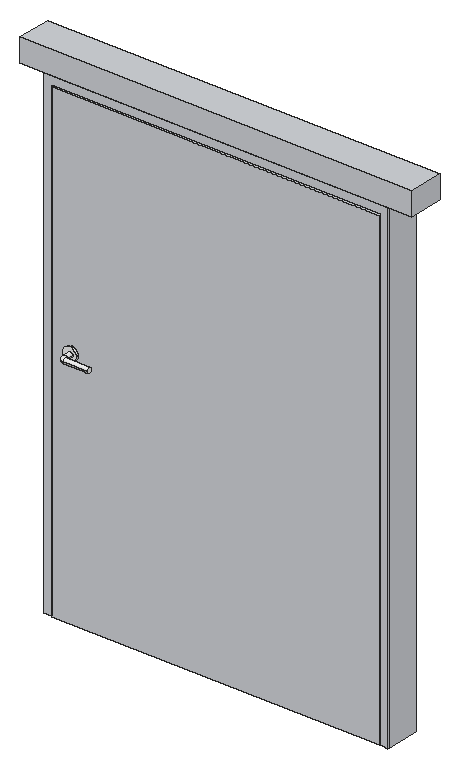
Revit family "Door lintel try (bb2)", category Doors, host Wall, Revit 2022
Family settings
  Host = Wall
  OmniClass Number = 23.30.10.00
  OmniClass Title = Doors
  Always vertical = Yes
  Cut with Voids When Loaded = No
  Shared = No
  Room Calculation Point = No
Parameters (values of type "Hausplus Door 4'-0"")
  sunshade length = 0' - 4"
  Thickness = 0' - 1 1/2"
  Symbolic panel length = Width - 0' 3 1/4"  # 4' - 8 3/4"
  Swing Angle [instance] = 90.00°
  Sunshade depth on both side = 0' - 4"
  SL = Width + 0' 8"  # 5' - 8"
  Panel Material = none
  Panel Length = Height - 0' 0" - 0' 1 3/4"  # 6' - 10 1/4"
  Lintel Width [instance] = Width + (sunshade length * 2)  # 5' - 8"
  Lintel Material = none
  Lintel Height [instance] = Sunshade depth on both side  # 0' - 4"
  Lintel Depth [instance] = Host Wall Thickness  # 0' - 6"
  Host Wall Thickness [instance] = 0' - 6"
  Function = Interior
  Frame Projection Ext. = 0' - 1"
  Frame Projection Int. = 0' - 1"
  Frame Width = 0' - 3"
  Height = 7' - 0"
  Wall Closure = By host
  Width = 5' - 0"
  Frame Offset = 0' - 2"
  Frame Material = none
Types (8): name | Symbolic panel length | SL | Lintel Width | Lintel Depth | Host Wall Thickness | Width
  (no name) | 4' - 8 3/4" | 5' - 8" | 5' - 8" | 0' - 6" | 0' - 6" | 5' - 0"
  Hausplus Door 3'-4" | 3' - 0 3/4" | 4' - 0" | 4' - 0" | 0' - 8" | 0' - 8" | 3' - 4"
  Hausplus Door 3'-0" | 2' - 8 3/4" | 3' - 8" | 3' - 8" | 0' - 8" | 0' - 8" | 3' - 0"
  Hausplus Door 2'-6" | 2' - 2 3/4" | 3' - 2" | 3' - 2" | 0' - 8" | 0' - 8" | 2' - 6"
  Hausplus Door 2'-0" | 1' - 8 3/4" | 2' - 8" | 2' - 8" | 0' - 8" | 0' - 8" | 2' - 0"
  Hausplus Door 3'-6" | 3' - 2 3/4" | 4' - 2" | 4' - 2" | 0' - 8" | 0' - 8" | 3' - 6"
  Hausplus Door 3'-9" | 3' - 5 3/4" | 4' - 5" | 4' - 5" | 0' - 8" | 0' - 8" | 3' - 9"
  Hausplus Door 4'-0" | 4' - 8 3/4" | 5' - 8" | 5' - 8" | 0' - 6" | 0' - 6" | 5' - 0"
Reference planes (in)
  plane 1 "Center (Front/Back)": y = 0
  plane 2 "Center (Left/Right)": x = 0
  plane 3 "Left": x = -30
  plane 4 "Right": x = 30
  plane 5 "Top": z = 84
  plane 6 "Exterior": y = 3
  plane 7 "Interior": y = -3
  plane 8: z = 88
  plane 9: x = 34
  plane 10: x = -34
  plane 11: z = 82
  plane 12: x = 28
  plane 13: x = -28
  plane 14: x = -25
  plane 15: z = 42
  plane 16: y = -59.75
Forms (in)
  Sweep 1, solid, material <- "Frame Material"
    path origin (0, 3, 0) x (1, 0, 0) y (0, 0, 1)
      loop
        line (-30, 0) -> (-30, 84) -> (30, 84) -> (30, 0)
    profile origin (30, 3, 42) x (0, -1, 0) y (1, 0, 0)
      loop
        line (0, -0.125) -> (0, -1.875) -> (0.125, -1.875) -> (0.125, -2) -> (4.5, -2) -> (4.5, -1.5) -> (6, -1.5) -> (6, -0.125) -> (5.875, -0.125) -> (5.875, 0) -> (0.125, 0) -> (0.125, -0.125) -> (0, -0.125)
  Extrusion 2, solid, material <- "Panel Material"
    sketch origin (0, 0, 0) x (1, 0, 0) y (0, 1, 0)
      loop
        line (-28.375, -1.625) -> (-28.375, -3) -> (28.375, -3) -> (28.375, -1.625) -> (-28.375, -1.625)
    from 0 to 82.25 <- "Panel Length"
Lines and regions (in)
  Opening 1
    outline origin (-90, -3, 0) x (1, 0, 0) y (0, 0, 1)
      loop
        line (60, 0) -> (120, 0) -> (120, 84) -> (124, 84) -> (124, 88) -> (56, 88) -> (56, 84) -> (60, 84) -> (60, 0)
  symbolic lines, style "Elevation Swing"
    curve 1: line (30, 3, 0) -> (-30, 3, 42)
    curve 2: line (-30, 3, 42) -> (30, 3, 84)
Text (in)
  text "Exterior" at (-74.96733, 27.31104, 0), in view "Ref. Level"
  text "Interior" at (-74.96733, -25.14366, 0), in view "Ref. Level"
  text "Exterior" at (0, 40.15149, 123.01588), in view "Right"
  text "Interior" at (0, -64.39139, 123.01588), in view "Right"
  text "Interior" at (0, -31.01599, 123.00693), in view "Left"
  text "Exterior" at (0, 54.57065, 123.00693), in view "Left"
Dimensions and locks (in)
  equal spacing: plane 3 "Left", plane 2 "Center (Left/Right)", plane 4 "Right"
  "Height": level to plane 5 "Top"
  "Width": plane 3 "Left" to plane 4 "Right"
  equal spacing: host wall, curve 2, plane 5 "Top"
  "sunshade length": plane 4 "Right" to plane 9
  "sunshade length": plane 10 to plane 3 "Left"
  "Sunshade depth on both side": plane 5 "Top" to plane 8
  "Frame Offset": plane 12 to plane 4 "Right"
  "Frame Offset": plane 13 to plane 3 "Left"
  "Frame Offset": plane 11 to plane 5 "Top"
  Sweep 1 sketch curve to Sweep 1 sketch curve to Sweep 1 sketch curve to Sweep 1 sketch curve = 0' - 0 1/2" locked, 0' - 1 3/8" locked, 0' - 0 1/8" locked
  Sweep 1 sketch curve to Sweep 1 sketch curve to Sweep 1 sketch curve = 0' - 1 3/8" locked, 0' - 0 1/8" locked
  locked: Sweep 1 sketch curve to Sweep 1 sketch curve at 0.125  (x4)
  locked: Extrusion 2 sketch curve to Sweep 1 at 0.125  (x2)
  locked: Sweep 1 to Extrusion 2 sketch curve at 0.125
  locked: plane 3 "Left" to plane 14 at 5
  locked: level to plane 15 at 42
  "Symbolic panel length": plane 16 to plane 7 "Interior"
  plane 7 "Interior" to plane 6 "Exterior" = 0' - 6"
  "Host Wall Thickness": host wall to host wall
  aligned and locked: plane 3 "Left" to Opening 1 sketch curve
  aligned and locked: Opening 1 sketch curve to plane 4 "Right"
  aligned and locked: Opening 1 sketch curve to level
  aligned and locked: plane 4 "Right" to curve 1
  aligned and locked: plane 3 "Left" to curve 1
  aligned and locked: plane 5 "Top" to curve 2
  aligned and locked: plane 6 "Exterior" to host wall
  aligned and locked: plane 7 "Interior" to host wall
  aligned and locked: plane 9 to Opening 1 sketch curve
  aligned and locked: Opening 1 sketch curve to plane 10
  aligned and locked: Opening 1 sketch curve to plane 8
  aligned and locked: Opening 1 sketch curve to plane 5 "Top"  (x2)
  aligned and locked: host wall to Sweep 1 sketch curve  (x2)
  aligned and locked: Sweep 1 sketch curve to plane 4 "Right"
  aligned and locked: Extrusion 2 sketch curve to plane 7 "Interior"
  aligned and locked: Extrusion 2 to level
  aligned and locked: nested 1 to plane 14
  aligned and locked: plane 15 to nested 1
  aligned and locked: nested 1 to Extrusion 2
  aligned and locked: Extrusion 2 to nested 2
  aligned and locked: plane 14 to nested 2
  aligned and locked: plane 15 to nested 2
  aligned and locked: nested 3 to Extrusion 2  (x2)
  aligned and locked: plane 7 "Interior" to nested 4
  aligned and locked: plane 2 "Center (Left/Right)" to nested 4
Automatic sketch dimensions
  curve 1 to level = 0' - 0"
  curve 2 to plane 4 "Right" = 0' - 0"
  plane 3 "Left" to Sweep 1 sketch curve = 0' - 0"
  plane 4 "Right" to Sweep 1 sketch curve = 0' - 0"
  Sweep 1 sketch curve to level = 0' - 0"  (x2)
  Sweep 1 sketch curve to plane 5 "Top" = 0' - 0"
Nested families (in)
  nested 1: "Handle Lever" at (-33.85864, -1.625, 42), type "Standard"
  nested 2: "Handle Lever" at (-33.85864, -3, 42), type "Standard"
  nested 3: "Plan Swing Family" at (28.375, -3, 0), Swing Angle <- "Swing Angle", type "Plan Swing Family"
    with Swing Angle 90.00°, Actual Angle 90.00°, Width 4' - 8 3/4", Height 7' - 0"
  nested 4: "Main Lintel (1)" at (0, -3, 71), Lintel Length <- "Lintel Width", Lintel Depth <- "Lintel Depth", Lintel Width <- "Lintel Height", Lintel matt <- "Lintel Material", type "Main Lintel (1)"
    with Lintel matt none, Lintel Width 0' - 4", Lintel Length 5' - 8", Lintel Depth 0' - 6"
Definition of nested family "Handle Lever"
  Parameters (values of type "Standard")
    Material = none
    Handle Z Distance = 0' - 0"
    Handle X Distance = 0' - 2 61/64"
    Assembly Code = ""
    Analytic Construction = "<None>"
  Reference planes (in)
    plane 1 "Center (Front/Back)": y = 0
    plane 2: z = 0
    plane 3 "Center (Left/Right)": x = 5.90551
    plane 4: z = 0
    plane 5 "Handle C/L": x = 8.85864
  Forms (in)
    Extrusion 1, solid, material <- "Material"
      sketch origin (11.81102, 0, 0) x (1, 0, 0) y (0, 0, -1)
        loop
          circle (-3.05081, 0) r 1.1811
      from 0 to 0.31496
    Sweep 2, solid, material <- "Material"
      path origin (0, 0, 0) x (0, -1, 0) y (1, 0, 0)
        loop
          line (-0.31496, 8.85864) -> (-1.49606, 8.85864)
          arc (-1.49606, 8.85864) -> (-1.91365, 9.03161) -> (-2.08661, 9.44919) r 0.59055
          line (-2.08661, 9.44919) -> (-2.08661, 13.58305)
      profile origin (8.85864, 0.90551, 0) x (1, 0, 0) y (0, 0, 1)
        loop
          circle (0, 0) r 0.3937
  Dimensions and locks (in)
    "Handle Z Distance": plane 4 to level
    Sweep 2 sketch curve to Sweep 2 sketch curve = 0' - 4.13386"
    "Handle X Distance": plane 5 "Handle C/L" to plane 3 "Center (Left/Right)"
    plane 5 "Handle C/L" to Sweep 2 sketch curve = 0' - 4.72441"
    aligned and locked: plane 4 to Extrusion 1 sketch curve
  Automatic sketch dimensions
    Sweep 2 sketch curve to profile plane = 0' - 0"  (x2)
    Sweep 2 sketch curve to plane 5 "Handle C/L" = 0' - 0"
    Sweep 2 sketch curve to plane 1 "Center (Front/Back)" = 0' - 2.08661"
    Sweep 2 sketch curve to plane 1 "Center (Front/Back)" = 0' - 0.31496"
    Extrusion 1 sketch curve to plane 5 "Handle C/L" = 0' - 0.09843"
    radius of Sweep 2 sketch curve = 0' - 0.3937"
    radius of Extrusion 1 sketch curve = 0' - 1.1811"
Definition of nested family "Main Lintel (1)"
  Parameters (values of type "Main Lintel (1)")
    Lintel matt [instance] = none
    Lintel Width [instance] = 1' - 5"
    Lintel Length [instance] = 7' - 2"
    Lintel Depth [instance] = 2' - 0"
    Default Elevation = 4' - 0"
  Reference planes (in)
    plane 1 "Center (Front/Back)": y = 0
    plane 2: z = 0
    plane 3 "Center (Left/Right)": x = 0
    plane 4: x = -43
    plane 5: x = 43
    plane 6: y = 24
    plane 7: z = 17
    plane 8: z = 0
  Forms (in)
    Extrusion 1, solid, material <- "Lintel matt"
      sketch origin (0, 0, 0) x (1, 0, 0) y (0, 1, 0)
        loop
          line (-43, 0) -> (43, 0) -> (43, 24) -> (-43, 24) -> (-43, 0)
      from 0 to 17
  Dimensions and locks (in)
    equal spacing: plane 4, plane 3 "Center (Left/Right)", plane 5
    "Lintel Length": plane 4 to plane 5
    "Lintel Depth": plane 6 to plane 1 "Center (Front/Back)"
    "Lintel Width": plane 7 to plane 8
    plane 8 to plane 7 = 1' - 5"
    aligned and locked: plane 2 to level
    aligned and locked: Extrusion 1 to plane 1 "Center (Front/Back)"
    aligned and locked: Extrusion 1 to plane 4
    aligned and locked: plane 5 to Extrusion 1
    aligned and locked: Extrusion 1 to plane 6
    aligned and locked: plane 7 to Extrusion 1
    aligned and locked: Extrusion 1 to plane 8
  Automatic sketch dimensions
    Extrusion 1 sketch curve to plane 1 "Center (Front/Back)" = 2' - 0"
    Extrusion 1 sketch curve to plane 3 "Center (Left/Right)" = 3' - 7"
    plane 3 "Center (Left/Right)" to Extrusion 1 sketch curve = 3' - 7"
    Extrusion 1 sketch curve to Extrusion 1 sketch curve = 2' - 0"
Definition of nested family "Plan Swing Family"
  Parameters (values of type "Plan Swing Family")
    Width = 3' - 8 3/4"
    Thickness = 0' - 1 1/2"
    Swing Angle [instance] = 90.00°
    Height = 5' - 8.37434"
    Define Thermal Properties by = 1
    Default Elevation = 0' - 0"
    Analytic Construction = "<None>"
    Actual Angle [instance] = if(Swing Angle < 1.00°, 1.00°, Swing Angle)  # 90.00°
  Reference planes (in)
    plane 1 "Center (Front/Back)": y = 0
    plane 2: z = 0
    plane 3 "Center (Left/Right)": x = 0
    plane 4: x = -44.75
    plane 5: z = 68.37434
  Lines and regions (in)
    Masking region 1
      outline origin (0, 0, 0) x (1, 0, 0) y (0, 1, 0)
        loop
          line (-1.5, 44.75) -> (-1.5, 0) -> (0, 0) -> (0, 44.75) -> (-1.5, 44.75)
    reference lines
      curve 1: line (0, 0, 0) -> (0, 44.75, 0)
      curve 2: line (0, 44.75, 0) -> (-1.5, 44.75, 0)
      curve 3: line (-1.5, 44.75, 0) -> (-1.5, 0, 0)
      curve 4: line (-1.5, 0, 0) -> (0, 0, 0)
    symbolic lines
      curve 5: arc (-44.75, 0, 0) -> (-31.64303, 31.64303, 0) -> (0, 44.75, 0) r 44.75
    model lines
      curve 6: line (-44.75, 0, 0) -> (-44.75, 0, 68.37434)
  Dimensions and locks (in)
    "Width": plane 4 to plane 3 "Center (Left/Right)"
    "Width": curve 1 to curve 1
    "Thickness": curve 3 to curve 1
    "Height": plane 5 to level
    "Width": radius of curve 5
    "Actual Angle": angle curve 1 to plane 1 "Center (Front/Back)"
    locked: curve 3 to curve 4 (angle 90.00°)
    locked: curve 2 to curve 3 (angle 90.00°)
    locked: curve 4 to curve 1 (angle 90.00°)
    "Actual Angle": angle curve 5 to curve 5
    aligned and locked: plane 2 to level
    aligned and locked: plane 1 "Center (Front/Back)" to curve 1
    aligned and locked: plane 3 "Center (Left/Right)" to curve 1
    aligned and locked: Masking region 1 sketch curve to curve 3
    aligned and locked: Masking region 1 sketch curve to curve 2
    aligned and locked: Masking region 1 sketch curve to curve 4
    aligned and locked: Masking region 1 sketch curve to curve 1
    aligned and locked: plane 1 "Center (Front/Back)" to curve 5  (x2)
    aligned and locked: plane 3 "Center (Left/Right)" to curve 5
    aligned and locked: plane 5 to curve 6
    aligned and locked: level to curve 6
    aligned and locked: curve 6 to plane 4
